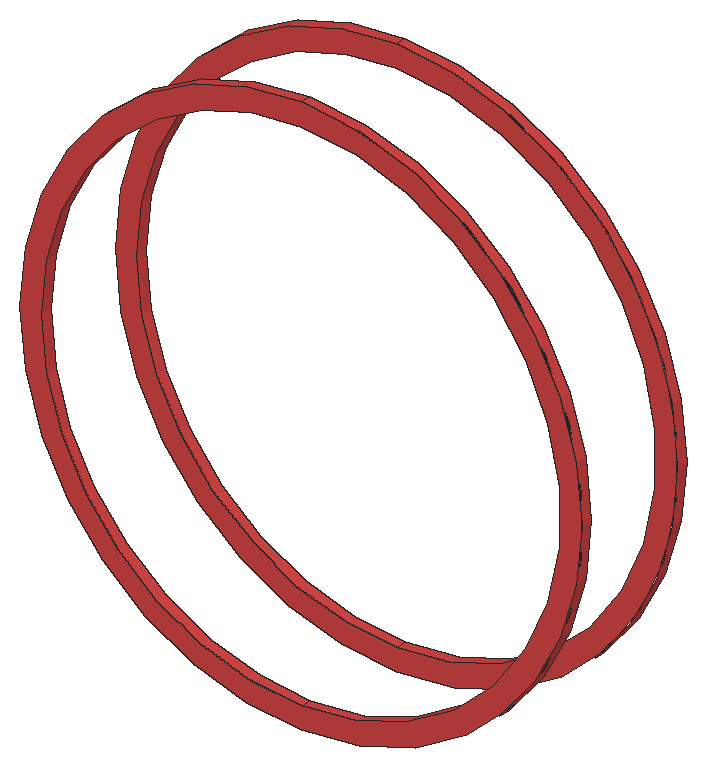
Revit family "Firestop-Putty-STI-Series_SSP_Wall", category Specialty Equipment, host Wall, Revit 2026
Family settings
  Host = Wall
  Round Connector Dimension = Use Diameter
  Part Type = Normal
  Classification Number = 23.20.50.14.11
  Enable Cutting in Views = No
  Always vertical = Yes
  Cut with Voids When Loaded = No
  Maintain Annotation Orientation = No
  Shared = No
  Room Calculation Point = No
Parameters
  URL = "http://www.stifirestop.com/"
  Tested Systems = "http://sti.fmpdata.net/system_search.html"
  Systems  (See "Tested Systems" for addtional) = "C-AJ-1090 (Concrete) W-L-1029 (Gypsum Board)"
  Seal depth = 0' - 0 1/2"
  Product Page URL = "http://www.stifirestop.com/products/product-selector/ssp/"
  Product Data = "http://files.systems.stifirestop.com/4.%20Product%20Data%20Sheets/1.%20English/PDS_SSP%20Putty%20&%20Putty%20Pads.pdf"
  Pipe OD = 2' - 0"
  Open Diameter = Pipe OD + 0' 2"  # 2' - 2"
  Model = "Series SSP Putty"
  Manufacturer Phone No. = "800.992.1180"
  Manufacturer Fax No. = "908.526.9623"
  Manufacturer = "Specified Technologies Inc."
  Manufacture Address = "210 Evans Way, Somerville, NJ 08876"
  MSDS = "http://files.systems.stifirestop.com/5.%20Safety%20Data%20Sheet/1.%20English/SDS_SSP%20Putty%20&%20Putty%20Pads.pdf"
  Locate Distributor = "http://www.stifirestop.com/"
  Guide Specification = "http://www.stifirestop.com/technical-library/sti-guide-specs/"
  Green Building/LEED® Information = "http://sti.fmpdata.net/ftp/letters/General_LEED_Letter.pdf"
  Firestopping-STI-Intumescent-red = STI Molded Intumescent Insert
  Fire Rating = "Up to 4 Hr"
  Description = "SpecSeal® Series SSP Intumescent Firestop Putty"
  Default Elevation = 0' - 0"
  Contact Technical Service = "http://www.stifirestop.com/contact/"
  Contact Sales = "http://www.stifirestop.com/contact/"
  Color = "Red"
  Assembly Code = "D4030900"
Reference planes (in)
  plane 1: y = 0
  plane 2 "Center (Left/Right)": x = 0
  plane 3 "Wall Edge": y = 3
  plane 4: z = 72
  plane 5: y = 2.5
  plane 6: y = -2.5
  plane 7: z = 60
  plane 8: z = 84
  plane 9: z = 59
  plane 10: z = 85
  plane 11: z = 71.79688
Forms (in)
  Extrusion 1, solid, material "STI Molded Intumescent Insert" <- "Firestopping-STI-Intumescent-red"
    sketch origin (0, 3, 0) x (1, 0, 0) y (0, 0, 1)
      loop
        circle (0, 72) r 13
      loop
        circle (0, 72) r 12
    from 5.5 to 6
  Extrusion 2, solid, material "STI Molded Intumescent Insert" <- "Firestopping-STI-Intumescent-red"
    sketch origin (0, 3, 0) x (1, 0, 0) y (0, 0, 1)
      loop
        circle (0, 72) r 13
      loop
        circle (0, 72) r 12
    from 0 to 0.5
Lines and regions (in)
  Opening 1
    outline origin (-60, -3, 0) x (1, 0, 0) y (0, 0, 1)
      loop
        circle (60, 72) r 13
Text (in)
  text "Placement Side" at (0, 40.15149, 123.01588), in view "Right"
  text "Placement Side" at (-70.3804, 28.46503, 0), in view "Ref. Level"
  text "Placement Side" at (0, 81.62555, 140.59947), in view "Left"
Dimensions and locks (in)
  locked: plane 3 "Wall Edge" to host wall
  equal spacing: plane 8, plane 4, plane 7
  "Pipe OD": plane 8 to plane 7
  equal spacing: plane 6, plane 1, plane 5
  "Seal depth": plane 5 to plane 3 "Wall Edge"
  equal spacing: plane 9, plane 4, plane 10
  "Open Diameter": plane 9 to plane 10
  aligned and locked: plane 2 "Center (Left/Right)" to Opening 1 sketch curve
  aligned and locked: plane 9 to Opening 1 sketch curve
  aligned and locked: plane 7 to Extrusion 1 sketch curve
  aligned and locked: plane 8 to Extrusion 1 sketch curve
  aligned and locked: plane 6 to Extrusion 1
  aligned and locked: host wall to Extrusion 1
  aligned and locked: Extrusion 2 to plane 5
  aligned and locked: host wall to Extrusion 2
Automatic sketch dimensions
  Opening 1 sketch curve to Opening 1 sketch curve = 0' - 0"
  Opening 1 sketch curve to plane 4 = 0' - 0"
  Extrusion 1 sketch curve to Extrusion 1 sketch curve = 0' - 0"  (x8)
  Extrusion 1 sketch curve to plane 2 "Center (Left/Right)" = 0' - 0"
  Extrusion 1 sketch curve to plane 9 = 0' - 0"
  Extrusion 2 sketch curve to Extrusion 2 sketch curve = 0' - 0"  (x12)
  Extrusion 2 sketch curve to plane 2 "Center (Left/Right)" = 0' - 0"
  Extrusion 2 sketch curve to plane 9 = 0' - 0"
  Extrusion 2 sketch curve to plane 7 = 0' - 0"
  Extrusion 2 sketch curve to plane 4 = 0' - 0"
